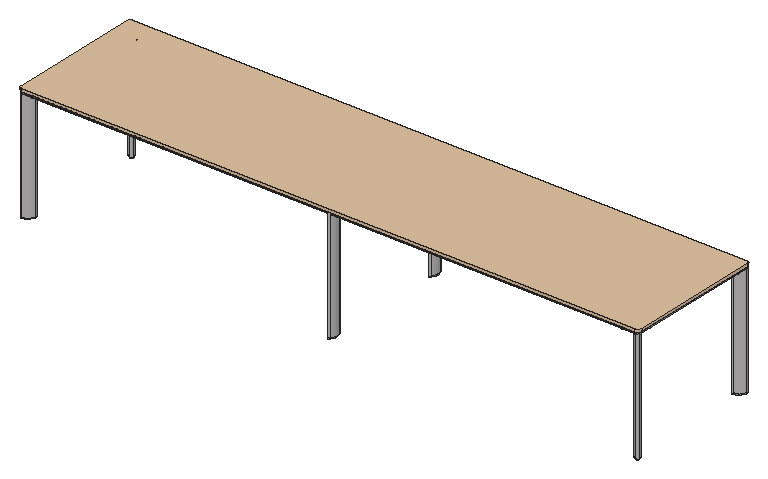
Revit family "FU_Table_Sandler_Laminar 0940", category Furniture, Revit 2020
Family settings
  OmniClass Number = 23.40.20.00
  OmniClass Title = General Furniture and Specialties
  Work Plane-Based = No
  Always vertical = Yes
  Cut with Voids When Loaded = No
  Shared = No
  Room Calculation Point = No
Parameters (values of type "Laminar 0940 (Dining Height)")
  Width = 4000 mm
  URL = "https://www.sandlerseating.com/product/laminar-0940/"
  Top [instance] = Wood - Oak - Natural - V
  Model = "Laminar 0940"
  Manufacturer = "Sandler"
  Height = 750 mm
  Frame [instance] = Epoxy - M2_G42
  Description = "400cm x 90cm / 158″ x 32″ table on epoxy painted frame."
  Depth = 900 mm
  Default Elevation = 0 mm
Types (4, lengths in mm): name | Top | Height | Frame
  (no name) | Wood - Oak - Natural - V | 750 | Epoxy - M2_G42
  Laminar 0940 (Dining Height) | Wood - Oak - Natural - V | 750 | Epoxy - M2_G42
  Laminar 0940 (Counter Height) | Lacquer - W2 - M82 | 900 | Epoxy - M2_G42
  Laminar 0940 (Bar Height) | Wood - Oak - Walnut | 1050 | Epoxy - M1_B00 - Black
Reference planes
  plane 1 "Center (Front/Back)": y = 0
  plane 2: z = 0
  plane 3 "Center (Left/Right)": x = 0
  plane 4 "Right": x = -2000
  plane 5 "Left": x = 2000
  plane 6 "Back": y = 450
  plane 7 "Front": y = -450
  plane 8 "Height": z = 750
  plane 9 "Top Frame Base": z = 737
  plane 10 "Frame Edge Right TOP": x = -1905
  plane 11 "Frame Edge Left TOP": x = 1905
  plane 12 "Frame Edge Front TOP": y = -355
  plane 13 "Frame Edge Back TOP": y = 355
  plane 14 "Right Leg C TOP": x = -1962.984
  plane 15 "Back Leg C TOP": y = 412.984
  plane 16 "Front Leg C TOP": y = -412.984
  plane 17 "Left C TOP": x = 1962.984
  plane 18 "Glide Height": z = 6
  plane 19 "Frame Base FRONT": z = 696.108
  plane 20 "Cross Support Front TOP": y = -392.984
  plane 21 "Cross Support Back TOP": y = 392.984
Forms (mm)
  Extrusion 1, solid, material "Wood - Oak - Natural - V" <- "Top"
    sketch origin (0, 0, 750) x (-1, 0, 0) y (0, -1, 0)
      loop
        arc (1975, -450) -> (1992.678, -442.678) -> (2000, -425) r 25
        line (2000, -425) -> (2000, 425)
        arc (2000, 425) -> (1992.678, 442.678) -> (1975, 450) r 25
        line (1975, 450) -> (-1975, 450)
        arc (-1975, 450) -> (-1992.678, 442.678) -> (-2000, 425) r 25
        line (-2000, 425) -> (-2000, -425)
        arc (-2000, -425) -> (-1992.678, -442.678) -> (-1975, -450) r 25
        line (-1975, -450) -> (1975, -450)
    from 0 to -13
  Sweep 2, solid, material "Epoxy - M2_G42" <- "Frame"
    path origin (0, 0, 737) x (-1, 0, 0) y (0, -1, 0)
      loop
        line (-1905, 450) -> (1905, 450)
    profile "Pro_Laminar_Frame : Pro_Laminar_Frame" origin (0, -450, 737) x (0, -1, 0) y (0, 0, 1)
      loop
        arc (-78.25, 0) -> (-78.959, -0.294) -> (-79.252, -1.003) r 1.003
        line (-79.252, -1.003) -> (-79.252, -40.038)
        arc (-79.252, -40.038) -> (-78.971, -40.718) -> (-78.29, -41) r 0.962
        line (-78.29, -41) -> (-56.47, -41)
        arc (-56.47, -41) -> (-49.536, -40.019) -> (-43.146, -37.154) r 25
        line (-43.146, -37.154) -> (-3.835, -12.393)
        arc (-3.835, -12.393) -> (-2.123, -10.579) -> (-1.5, -8.162) r 5
        line (-1.5, -8.162) -> (-1.5, -0.534)
        arc (-1.5, -0.534) -> (-1.656, -0.156) -> (-2.034, 0) r 0.534
        line (-2.034, 0) -> (-78.25, 0)
  Sweep 3, solid, material "Epoxy - M2_G42" <- "Frame"
    path origin (0, 0, 737) x (-1, 0, 0) y (0, -1, 0)
      loop
        line (2000, 355) -> (2000, -355)
    profile "Pro_Laminar_Frame : Pro_Laminar_Frame" origin (-2000, 0, 737) x (-1, 0, 0) y (0, 0, 1)
      loop
        arc (-78.25, 0) -> (-78.959, -0.294) -> (-79.252, -1.003) r 1.003
        line (-79.252, -1.003) -> (-79.252, -40.038)
        arc (-79.252, -40.038) -> (-78.971, -40.718) -> (-78.29, -41) r 0.962
        line (-78.29, -41) -> (-56.47, -41)
        arc (-56.47, -41) -> (-49.536, -40.019) -> (-43.146, -37.154) r 25
        line (-43.146, -37.154) -> (-3.835, -12.393)
        arc (-3.835, -12.393) -> (-2.123, -10.579) -> (-1.5, -8.162) r 5
        line (-1.5, -8.162) -> (-1.5, -0.534)
        arc (-1.5, -0.534) -> (-1.656, -0.156) -> (-2.034, 0) r 0.534
        line (-2.034, 0) -> (-78.25, 0)
  Sweep 4, solid, material "Epoxy - M2_G42" <- "Frame"
    path origin (0, 0, 737) x (-1, 0, 0) y (0, -1, 0)
      loop
        line (1905, -450) -> (-1905, -450)
    profile "Pro_Laminar_Frame : Pro_Laminar_Frame" origin (0, 450, 737) x (0, 1, 0) y (0, 0, 1)
      loop
        arc (-78.25, 0) -> (-78.959, -0.294) -> (-79.252, -1.003) r 1.003
        line (-79.252, -1.003) -> (-79.252, -40.038)
        arc (-79.252, -40.038) -> (-78.971, -40.718) -> (-78.29, -41) r 0.962
        line (-78.29, -41) -> (-56.47, -41)
        arc (-56.47, -41) -> (-49.536, -40.019) -> (-43.146, -37.154) r 25
        line (-43.146, -37.154) -> (-3.835, -12.393)
        arc (-3.835, -12.393) -> (-2.123, -10.579) -> (-1.5, -8.162) r 5
        line (-1.5, -8.162) -> (-1.5, -0.534)
        arc (-1.5, -0.534) -> (-1.656, -0.156) -> (-2.034, 0) r 0.534
        line (-2.034, 0) -> (-78.25, 0)
  Sweep 5, solid, material "Epoxy - M2_G42" <- "Frame"
    path origin (0, 0, 737) x (-1, 0, 0) y (0, -1, 0)
      loop
        line (-2000, 355) -> (-2000, -355)
    profile "Pro_Laminar_Frame : Pro_Laminar_Frame" origin (2000, 0, 737) x (-1, 0, 0) y (0, 0, 1)
      loop
        line (78.25, 0) -> (2.034, 0)
        arc (2.034, 0) -> (1.656, -0.156) -> (1.5, -0.534) r 0.534
        line (1.5, -0.534) -> (1.5, -8.162)
        arc (1.5, -8.162) -> (2.123, -10.579) -> (3.835, -12.393) r 5
        line (3.835, -12.393) -> (43.146, -37.154)
        arc (43.146, -37.154) -> (49.536, -40.019) -> (56.47, -41) r 25
        line (56.47, -41) -> (78.29, -41)
        arc (78.29, -41) -> (78.971, -40.718) -> (79.252, -40.038) r 0.962
        line (79.252, -40.038) -> (79.252, -1.003)
        arc (79.252, -1.003) -> (78.959, -0.294) -> (78.25, 0) r 1.003
  Sweep 6, solid, material "Epoxy - M2_G42" <- "Frame"
    path origin (0, 412.984, 0) x (1, 0, 0) y (0, 0, 1)
      loop
        line (-1962.984, 6) -> (-1962.984, 737)
    profile "Pro_Laminar_Leg : Pro_Laminar_Leg" origin (-1962.984, 412.984, 371.5) x (-1, 0, 0) y (0, -1, 0)
      loop
        arc (-16.792, 30.86) -> (-28.302, 28.302) -> (-30.86, 16.792) r 10.982
        arc (-30.86, 16.792) -> (-12.33, -12.33) -> (16.792, -30.86) r 79.547
        arc (16.792, -30.86) -> (28.302, -28.302) -> (30.86, -16.792) r 10.982
        arc (30.86, -16.792) -> (12.33, 12.33) -> (-16.792, 30.86) r 79.547
  Sweep 7, solid, material "Epoxy - M2_G42" <- "Frame"
    path origin (0, -412.984, 0) x (1, 0, 0) y (0, 0, 1)
      loop
        line (-1962.984, 6) -> (-1962.984, 737)
    profile "Pro_Laminar_Leg : Pro_Laminar_Leg" origin (-1962.984, -412.984, 371.5) x (-1, 0, 0) y (0, -1, 0)
      loop
        arc (-30.86, -16.792) -> (-28.302, -28.302) -> (-16.792, -30.86) r 10.982
        arc (-16.792, -30.86) -> (12.33, -12.33) -> (30.86, 16.792) r 79.547
        arc (30.86, 16.792) -> (28.302, 28.302) -> (16.792, 30.86) r 10.982
        arc (16.792, 30.86) -> (-12.33, 12.33) -> (-30.86, -16.792) r 79.547
  Sweep 8, solid, material "Epoxy - M2_G42" <- "Frame"
    path origin (0, -412.984, 0) x (1, 0, 0) y (0, 0, 1)
      loop
        line (1962.984, 6) -> (1962.984, 737)
    profile "Pro_Laminar_Leg : Pro_Laminar_Leg" origin (1962.984, -412.984, 371.5) x (-1, 0, 0) y (0, -1, 0)
      loop
        arc (-16.792, 30.86) -> (-28.302, 28.302) -> (-30.86, 16.792) r 10.982
        arc (-30.86, 16.792) -> (-12.33, -12.33) -> (16.792, -30.86) r 79.547
        arc (16.792, -30.86) -> (28.302, -28.302) -> (30.86, -16.792) r 10.982
        arc (30.86, -16.792) -> (12.33, 12.33) -> (-16.792, 30.86) r 79.547
  Sweep 9, solid, material "Epoxy - M2_G42" <- "Frame"
    path origin (0, 412.984, 0) x (1, 0, 0) y (0, 0, 1)
      loop
        line (1962.984, 6) -> (1962.984, 737)
    profile "Pro_Laminar_Leg : Pro_Laminar_Leg" origin (1962.984, 412.984, 371.5) x (-1, 0, 0) y (0, -1, 0)
      loop
        arc (-30.86, -16.792) -> (-28.302, -28.302) -> (-16.792, -30.86) r 10.982
        arc (-16.792, -30.86) -> (12.33, -12.33) -> (30.86, 16.792) r 79.547
        arc (30.86, 16.792) -> (28.302, 28.302) -> (16.792, 30.86) r 10.982
        arc (16.792, 30.86) -> (-12.33, 12.33) -> (-30.86, -16.792) r 79.547
  Sweep 10, solid, material "Rubber, Black"
    path origin (0, 412.984, 0) x (1, 0, 0) y (0, 0, 1)
      loop
        line (1962.984, 0) -> (1962.984, 6)
    profile "Pro_Laminar_Leg : Pro_Laminar_Leg" origin (1962.984, 412.984, 3) x (-1, 0, 0) y (0, -1, 0)
      loop
        arc (-30.86, -16.792) -> (-28.302, -28.302) -> (-16.792, -30.86) r 10.982
        arc (-16.792, -30.86) -> (12.33, -12.33) -> (30.86, 16.792) r 79.547
        arc (30.86, 16.792) -> (28.302, 28.302) -> (16.792, 30.86) r 10.982
        arc (16.792, 30.86) -> (-12.33, 12.33) -> (-30.86, -16.792) r 79.547
  Sweep 11, solid, material "Rubber, Black"
    path origin (0, 412.984, 0) x (1, 0, 0) y (0, 0, 1)
      loop
        line (-1962.984, 0) -> (-1962.984, 6)
    profile "Pro_Laminar_Leg : Pro_Laminar_Leg" origin (-1962.984, 412.984, 3) x (-1, 0, 0) y (0, -1, 0)
      loop
        arc (-16.792, 30.86) -> (-28.302, 28.302) -> (-30.86, 16.792) r 10.982
        arc (-30.86, 16.792) -> (-12.33, -12.33) -> (16.792, -30.86) r 79.547
        arc (16.792, -30.86) -> (28.302, -28.302) -> (30.86, -16.792) r 10.982
        arc (30.86, -16.792) -> (12.33, 12.33) -> (-16.792, 30.86) r 79.547
  Sweep 12, solid, material "Rubber, Black"
    path origin (0, -412.984, 0) x (1, 0, 0) y (0, 0, 1)
      loop
        line (-1962.984, 0) -> (-1962.984, 6)
    profile "Pro_Laminar_Leg : Pro_Laminar_Leg" origin (-1962.984, -412.984, 3) x (-1, 0, 0) y (0, -1, 0)
      loop
        arc (-30.86, -16.792) -> (-28.302, -28.302) -> (-16.792, -30.86) r 10.982
        arc (-16.792, -30.86) -> (12.33, -12.33) -> (30.86, 16.792) r 79.547
        arc (30.86, 16.792) -> (28.302, 28.302) -> (16.792, 30.86) r 10.982
        arc (16.792, 30.86) -> (-12.33, 12.33) -> (-30.86, -16.792) r 79.547
  Sweep 13, solid, material "Rubber, Black"
    path origin (0, -412.984, 0) x (1, 0, 0) y (0, 0, 1)
      loop
        line (1962.984, 0) -> (1962.984, 6)
    profile "Pro_Laminar_Leg : Pro_Laminar_Leg" origin (1962.984, -412.984, 3) x (-1, 0, 0) y (0, -1, 0)
      loop
        arc (-16.792, 30.86) -> (-28.302, 28.302) -> (-30.86, 16.792) r 10.982
        arc (-30.86, 16.792) -> (-12.33, -12.33) -> (16.792, -30.86) r 79.547
        arc (16.792, -30.86) -> (28.302, -28.302) -> (30.86, -16.792) r 10.982
        arc (30.86, -16.792) -> (12.33, 12.33) -> (-16.792, 30.86) r 79.547
  Sweep 14, solid, material "Epoxy - M2_G42" <- "Frame"
    path origin (0, 0, 737) x (-1, 0, 0) y (0, -1, 0)
      loop
        line (-1905, 448.5) -> (-1998.5, 448.5) -> (-1998.5, 355)
    profile "Pro_Laminar_Frame : Pro_Laminar_Frame" origin (1951.75, -448.5, 737) x (0, 1, 0) y (0, 0, 1)
      loop
        line (76.75, 0) -> (0.534, 0)
        arc (0.534, 0) -> (0.156, -0.156) -> (0, -0.534) r 0.534
        line (0, -0.534) -> (0, -8.162)
        arc (0, -8.162) -> (0.623, -10.579) -> (2.335, -12.393) r 5
        line (2.335, -12.393) -> (41.646, -37.154)
        arc (41.646, -37.154) -> (48.036, -40.019) -> (54.97, -41) r 25
        line (54.97, -41) -> (76.79, -41)
        arc (76.79, -41) -> (77.471, -40.718) -> (77.752, -40.038) r 0.962
        line (77.752, -40.038) -> (77.752, -1.003)
        arc (77.752, -1.003) -> (77.459, -0.294) -> (76.75, 0) r 1.003
  Extrusion 15, void
    sketch origin (0, 0, 737) x (-1, 0, 0) y (0, -1, 0)
      loop
        line (-1974.12, 449.12) -> (-1974.12, 464.12) -> (-2014.12, 464.12) -> (-2014.12, 424.12) -> (-1999.12, 424.12)
        arc (-1999.12, 424.12) -> (-1991.798, 441.798) -> (-1974.12, 449.12) r 25
    from -40.892 to 13
  Sweep 16, solid, material "Epoxy - M2_G42" <- "Frame"
    path origin (0, 0, 737) x (1, 0, 0) y (0, -1, 0)
      loop
        line (-1905, 448.5) -> (-1998.5, 448.5) -> (-1998.5, 355)
    profile "Pro_Laminar_Frame : Pro_Laminar_Frame" origin (-1951.75, -448.5, 737) x (0, -1, 0) y (0, 0, 1)
      loop
        arc (-76.75, 0) -> (-77.459, -0.294) -> (-77.752, -1.003) r 1.003
        line (-77.752, -1.003) -> (-77.752, -40.038)
        arc (-77.752, -40.038) -> (-77.471, -40.718) -> (-76.79, -41) r 0.962
        line (-76.79, -41) -> (-54.97, -41)
        arc (-54.97, -41) -> (-48.036, -40.019) -> (-41.646, -37.154) r 25
        line (-41.646, -37.154) -> (-2.335, -12.393)
        arc (-2.335, -12.393) -> (-0.623, -10.579) -> (0, -8.162) r 5
        line (0, -8.162) -> (0, -0.534)
        arc (0, -0.534) -> (-0.156, -0.156) -> (-0.534, 0) r 0.534
        line (-0.534, 0) -> (-76.75, 0)
  Sweep 17, solid, material "Epoxy - M2_G42" <- "Frame"
    path origin (0, 0, 737) x (1, 0, 0) y (0, 1, 0)
      loop
        line (-1905, 448.5) -> (-1998.5, 448.5) -> (-1998.5, 355)
    profile "Pro_Laminar_Frame : Pro_Laminar_Frame" origin (-1951.75, 448.5, 737) x (0, -1, 0) y (0, 0, 1)
      loop
        line (76.75, 0) -> (0.534, 0)
        arc (0.534, 0) -> (0.156, -0.156) -> (0, -0.534) r 0.534
        line (0, -0.534) -> (0, -8.162)
        arc (0, -8.162) -> (0.623, -10.579) -> (2.335, -12.393) r 5
        line (2.335, -12.393) -> (41.646, -37.154)
        arc (41.646, -37.154) -> (48.036, -40.019) -> (54.97, -41) r 25
        line (54.97, -41) -> (76.79, -41)
        arc (76.79, -41) -> (77.471, -40.718) -> (77.752, -40.038) r 0.962
        line (77.752, -40.038) -> (77.752, -1.003)
        arc (77.752, -1.003) -> (77.459, -0.294) -> (76.75, 0) r 1.003
  Sweep 18, solid, material "Epoxy - M2_G42" <- "Frame"
    path origin (0, 0, 737) x (-1, 0, 0) y (0, 1, 0)
      loop
        line (-1905, 448.5) -> (-1998.5, 448.5) -> (-1998.5, 355)
    profile "Pro_Laminar_Frame : Pro_Laminar_Frame" origin (1951.75, 448.5, 737) x (0, 1, 0) y (0, 0, 1)
      loop
        arc (-76.75, 0) -> (-77.459, -0.294) -> (-77.752, -1.003) r 1.003
        line (-77.752, -1.003) -> (-77.752, -40.038)
        arc (-77.752, -40.038) -> (-77.471, -40.718) -> (-76.79, -41) r 0.962
        line (-76.79, -41) -> (-54.97, -41)
        arc (-54.97, -41) -> (-48.036, -40.019) -> (-41.646, -37.154) r 25
        line (-41.646, -37.154) -> (-2.335, -12.393)
        arc (-2.335, -12.393) -> (-0.623, -10.579) -> (0, -8.162) r 5
        line (0, -8.162) -> (0, -0.534)
        arc (0, -0.534) -> (-0.156, -0.156) -> (-0.534, 0) r 0.534
        line (-0.534, 0) -> (-76.75, 0)
  Extrusion 19, void
    sketch origin (0, 0, 737) x (1, 0, 0) y (0, 1, 0)
      loop
        arc (-1974.12, -449.12) -> (-1991.798, -441.798) -> (-1999.12, -424.12) r 25
        line (-1999.12, -424.12) -> (-2014.12, -424.12) -> (-2014.12, -464.12) -> (-1974.12, -464.12) -> (-1974.12, -449.12)
    from -40.892 to 13
  Extrusion 20, void
    sketch origin (0, 0, 737) x (1, 0, 0) y (0, 1, 0)
      loop
        line (-1974.12, 449.12) -> (-1974.12, 464.12) -> (-2014.12, 464.12) -> (-2014.12, 424.12) -> (-1999.12, 424.12)
        arc (-1999.12, 424.12) -> (-1991.798, 441.798) -> (-1974.12, 449.12) r 25
    from -40.892 to 13
  Extrusion 21, void
    sketch origin (0, 0, 737) x (-1, 0, 0) y (0, -1, 0)
      loop
        arc (-1974.12, -449.12) -> (-1991.798, -441.798) -> (-1999.12, -424.12) r 25
        line (-1999.12, -424.12) -> (-2014.12, -424.12) -> (-2014.12, -464.12) -> (-1974.12, -464.12) -> (-1974.12, -449.12)
    from -40.892 to 13
  Sweep 22, solid, material "Epoxy - M2_G42" <- "Frame"
    path origin (0, -412.984, 0) x (1, 0, 0) y (0, 0, 1)
      loop
        line (0, 6) -> (0, 737)
    profile "Pro_Laminar_Leg : Pro_Laminar_Leg" origin (0, -412.984, 371.5) x (-1, 0, 0) y (0, -1, 0)
      loop
        arc (-9.948, -38.695) -> (0, -45.025) -> (9.948, -38.695) r 10.982
        arc (9.948, -38.695) -> (17.437, -5) -> (9.948, 28.695) r 79.547
        arc (9.948, 28.695) -> (0, 35.025) -> (-9.948, 28.695) r 10.982
        arc (-9.948, 28.695) -> (-17.437, -5) -> (-9.948, -38.695) r 79.547
  Sweep 23, solid, material "Rubber, Black"
    path origin (0, -412.984, 0) x (1, 0, 0) y (0, 0, 1)
      loop
        line (0, 0) -> (0, 6)
    profile "Pro_Laminar_Leg : Pro_Laminar_Leg" origin (0, -412.984, 3) x (-1, 0, 0) y (0, -1, 0)
      loop
        arc (-9.948, -38.695) -> (0, -45.025) -> (9.948, -38.695) r 10.982
        arc (9.948, -38.695) -> (17.437, -5) -> (9.948, 28.695) r 79.547
        arc (9.948, 28.695) -> (0, 35.025) -> (-9.948, 28.695) r 10.982
        arc (-9.948, 28.695) -> (-17.437, -5) -> (-9.948, -38.695) r 79.547
  Sweep 24, solid, material "Rubber, Black"
    path origin (0, 412.984, 0) x (1, 0, 0) y (0, 0, 1)
      loop
        line (0, 0) -> (0, 6)
    profile "Pro_Laminar_Leg : Pro_Laminar_Leg" origin (0, 412.984, 3) x (-1, 0, 0) y (0, -1, 0)
      loop
        arc (-9.948, -28.695) -> (0, -35.025) -> (9.948, -28.695) r 10.982
        arc (9.948, -28.695) -> (17.437, 5) -> (9.948, 38.695) r 79.547
        arc (9.948, 38.695) -> (0, 45.025) -> (-9.948, 38.695) r 10.982
        arc (-9.948, 38.695) -> (-17.437, 5) -> (-9.948, -28.695) r 79.547
  Sweep 25, solid, material "Epoxy - M2_G42" <- "Frame"
    path origin (0, 412.984, 0) x (1, 0, 0) y (0, 0, 1)
      loop
        line (0, 6) -> (0, 737)
    profile "Pro_Laminar_Leg : Pro_Laminar_Leg" origin (0, 412.984, 371.5) x (-1, 0, 0) y (0, -1, 0)
      loop
        arc (-9.948, -28.695) -> (0, -35.025) -> (9.948, -28.695) r 10.982
        arc (9.948, -28.695) -> (17.437, 5) -> (9.948, 38.695) r 79.547
        arc (9.948, 38.695) -> (0, 45.025) -> (-9.948, 38.695) r 10.982
        arc (-9.948, 38.695) -> (-17.437, 5) -> (-9.948, -28.695) r 79.547
  Extrusion 26, solid, material "Epoxy - M2_G42" <- "Frame"
    sketch origin (0, 0, 0) x (1, 0, 0) y (0, 0, 1)
      loop
        line (-29.788, 736) -> (-29.788, 722.1) -> (-28.788, 722.1) -> (-28.788, 721.1) -> (-25.288, 721.1) -> (-25.288, 724.1) -> (-28.288, 724.1) -> (-28.288, 726.5) -> (-24.69, 726.5) -> (-17.288, 722.226) -> (-17.288, 709.773) -> (-24.69, 705.5) -> (-28.288, 705.5) -> (-28.288, 707.9) -> (-25.288, 707.9) -> (-25.288, 710.9) -> (-28.788, 710.9) -> (-28.788, 709.9) -> (-29.788, 709.9) -> (-29.788, 697.144)
        arc (-29.788, 697.144) -> (-29.485, 696.412) -> (-28.753, 696.108) r 1.035
        line (-28.753, 696.108) -> (28.753, 696.108)
        arc (28.753, 696.108) -> (29.485, 696.412) -> (29.788, 697.144) r 1.035
        line (29.788, 697.144) -> (29.788, 709.9) -> (28.788, 709.9) -> (28.788, 710.9) -> (25.288, 710.9) -> (25.288, 707.9) -> (28.288, 707.9) -> (28.288, 705.5) -> (24.69, 705.5) -> (17.288, 709.773) -> (17.288, 722.226) -> (24.69, 726.5) -> (28.288, 726.5) -> (28.288, 724.1) -> (25.288, 724.1) -> (25.288, 721.1) -> (28.788, 721.1) -> (28.788, 722.1) -> (29.788, 722.1) -> (29.788, 736)
        arc (29.788, 736) -> (29.495, 736.707) -> (28.788, 737) r 1
        line (28.788, 737) -> (-28.788, 737)
        arc (-28.788, 737) -> (-29.495, 736.707) -> (-29.788, 736) r 1
    from -392.984 to 392.984
Cuts and joins
  Extrusion 20 cuts Sweep 17
  Extrusion 21 cuts Sweep 18
  Extrusion 15 cuts Sweep 14
  Extrusion 19 cuts Sweep 16
Dimensions and locks
  equal spacing: plane 4 "Right", plane 3 "Center (Left/Right)", plane 5 "Left"
  "Width": plane 4 "Right" to plane 5 "Left"
  equal spacing: plane 6 "Back", plane 1 "Center (Front/Back)", plane 7 "Front"
  "Depth": plane 6 "Back" to plane 7 "Front"
  "Height": plane 8 "Height" to level
  locked: plane 8 "Height" to plane 9 "Top Frame Base" at 13
  plane 4 "Right" to plane 14 "Right Leg C TOP" to plane 10 "Frame Edge Right TOP" = 37.016 mm locked, 57.984 mm locked
  plane 12 "Frame Edge Front TOP" to plane 16 "Front Leg C TOP" to plane 7 "Front" = 57.984 mm locked, 37.016 mm locked
  plane 6 "Back" to plane 15 "Back Leg C TOP" to plane 13 "Frame Edge Back TOP" = 37.016 mm locked, 57.984 mm locked
  plane 11 "Frame Edge Left TOP" to plane 17 "Left C TOP" to plane 5 "Left" = 57.984 mm locked, 37.016 mm locked
  locked: plane 18 "Glide Height" to plane 2 at 6
  locked: plane 16 "Front Leg C TOP" to plane 20 "Cross Support Front TOP" at 20
  locked: plane 21 "Cross Support Back TOP" to plane 15 "Back Leg C TOP" at 20
  locked: plane 9 "Top Frame Base" to plane 19 "Frame Base FRONT" at 40.892
  aligned and locked: level to plane 2
  aligned and locked: plane 10 "Frame Edge Right TOP" to Sweep 2 sketch curve
  aligned and locked: plane 11 "Frame Edge Left TOP" to Sweep 2 sketch curve
  aligned and locked: plane 13 "Frame Edge Back TOP" to Sweep 3 sketch curve
  aligned and locked: plane 4 "Right" to Sweep 3 sketch curve
  aligned and locked: plane 10 "Frame Edge Right TOP" to Sweep 4 sketch curve
  aligned and locked: plane 11 "Frame Edge Left TOP" to Sweep 4 sketch curve
  aligned and locked: Sweep 5 sketch curve to plane 13 "Frame Edge Back TOP"
  aligned and locked: plane 12 "Frame Edge Front TOP" to Sweep 5 sketch curve
  aligned and locked: Extrusion 1 sketch curve to plane 4 "Right"
  aligned and locked: Extrusion 1 sketch curve to plane 6 "Back"
  aligned and locked: Extrusion 1 sketch curve to plane 7 "Front"
  aligned and locked: plane 5 "Left" to Extrusion 1 sketch curve
  aligned and locked: plane 9 "Top Frame Base" to Sweep 6 sketch curve
  aligned and locked: Sweep 6 sketch curve to plane 18 "Glide Height"
  aligned and locked: plane 9 "Top Frame Base" to Sweep 7 sketch curve
  aligned and locked: Sweep 7 sketch curve to plane 18 "Glide Height"
  aligned and locked: Sweep 8 sketch curve to plane 9 "Top Frame Base"
  aligned and locked: plane 18 "Glide Height" to Sweep 8 sketch curve
  aligned and locked: Sweep 9 sketch curve to plane 9 "Top Frame Base"
  aligned and locked: plane 18 "Glide Height" to Sweep 9 sketch curve
  aligned and locked: plane 18 "Glide Height" to Sweep 10 sketch curve
  aligned and locked: Sweep 10 sketch curve to plane 2
  aligned and locked: Sweep 11 sketch curve to plane 18 "Glide Height"
  aligned and locked: plane 2 to Sweep 11 sketch curve
  aligned and locked: plane 2 to Sweep 12 sketch curve
  aligned and locked: Sweep 12 sketch curve to plane 18 "Glide Height"
  aligned and locked: Sweep 13 sketch curve to plane 2
  aligned and locked: plane 18 "Glide Height" to Sweep 13 sketch curve
  aligned and locked: Extrusion 15 to plane 19 "Frame Base FRONT"
  aligned and locked: plane 8 "Height" to Extrusion 15
  aligned and locked: Sweep 18 to plane 11 "Frame Edge Left TOP"
  aligned and locked: plane 13 "Frame Edge Back TOP" to Sweep 18
  aligned and locked: Sweep 14 to plane 12 "Frame Edge Front TOP"
  aligned and locked: Sweep 14 to plane 11 "Frame Edge Left TOP"
  aligned and locked: Sweep 16 to plane 10 "Frame Edge Right TOP"
  aligned and locked: plane 12 "Frame Edge Front TOP" to Sweep 16
  aligned and locked: Sweep 17 to plane 13 "Frame Edge Back TOP"
  aligned and locked: Sweep 17 to plane 10 "Frame Edge Right TOP"
  aligned and locked: plane 9 "Top Frame Base" to Sweep 22 sketch curve
  aligned and locked: plane 18 "Glide Height" to Sweep 22 sketch curve
  aligned and locked: plane 18 "Glide Height" to Sweep 23 sketch curve
  aligned and locked: plane 2 to Sweep 23 sketch curve
  aligned and locked: plane 2 to Sweep 24 sketch curve
  aligned and locked: plane 18 "Glide Height" to Sweep 24 sketch curve
  aligned and locked: plane 9 "Top Frame Base" to Sweep 25 sketch curve
  aligned and locked: plane 18 "Glide Height" to Sweep 25 sketch curve
  aligned and locked: Extrusion 26 to plane 20 "Cross Support Front TOP"
  aligned and locked: Extrusion 26 to plane 21 "Cross Support Back TOP"
  aligned and locked: plane 9 "Top Frame Base" to Extrusion 26
  aligned and locked: Extrusion 26 to plane 19 "Frame Base FRONT"
Automatic sketch dimensions
  Extrusion 1 sketch curve to plane 15 "Back Leg C TOP" = 12.016 mm
  Extrusion 1 sketch curve to plane 17 "Left C TOP" = 12.016 mm
  plane 14 "Right Leg C TOP" to Extrusion 1 sketch curve = 12.016 mm  (x2)
  Sweep 2 sketch curve to plane 7 "Front" = 0 mm
  plane 12 "Frame Edge Front TOP" to Sweep 3 sketch curve = 0 mm
  Sweep 4 sketch curve to plane 6 "Back" = 0 mm
  Sweep 5 sketch curve to plane 5 "Left" = 0 mm
  plane 14 "Right Leg C TOP" to Sweep 6 sketch curve = 0 mm
  plane 14 "Right Leg C TOP" to Sweep 7 sketch curve = 0 mm
  plane 17 "Left C TOP" to Sweep 8 sketch curve = 0 mm
  plane 17 "Left C TOP" to Sweep 9 sketch curve = 0 mm
  plane 17 "Left C TOP" to Sweep 10 sketch curve = 0 mm
  plane 14 "Right Leg C TOP" to Sweep 11 sketch curve = 0 mm
  plane 14 "Right Leg C TOP" to Sweep 12 sketch curve = 0 mm
  plane 17 "Left C TOP" to Sweep 13 sketch curve = 0 mm
  plane 12 "Frame Edge Front TOP" to Sweep 14 sketch curve = 0 mm
  Sweep 14 sketch curve to plane 11 "Frame Edge Left TOP" = 0 mm
  plane 5 "Left" to Sweep 14 sketch curve = 1.5 mm
  plane 7 "Front" to Sweep 14 sketch curve = 1.5 mm
  Extrusion 15 sketch curve to plane 5 "Left" = 14.12 mm
  plane 5 "Left" to Extrusion 15 sketch curve = 0.88 mm
  plane 7 "Front" to Extrusion 15 sketch curve = 0.88 mm
  Extrusion 15 sketch curve to plane 17 "Left C TOP" = 11.136 mm
  Extrusion 15 sketch curve to plane 7 "Front" = 14.12 mm
  plane 12 "Frame Edge Front TOP" to Sweep 16 sketch curve = 0 mm
  Sweep 16 sketch curve to plane 10 "Frame Edge Right TOP" = 0 mm
  plane 4 "Right" to Sweep 16 sketch curve = 1.5 mm
  Sweep 16 sketch curve to plane 7 "Front" = 1.5 mm
  Sweep 17 sketch curve to plane 13 "Frame Edge Back TOP" = 0 mm
  Sweep 17 sketch curve to plane 10 "Frame Edge Right TOP" = 0 mm
  Sweep 17 sketch curve to plane 4 "Right" = 1.5 mm
  Sweep 17 sketch curve to plane 6 "Back" = 1.5 mm
  Sweep 18 sketch curve to plane 13 "Frame Edge Back TOP" = 0 mm
  Sweep 18 sketch curve to plane 11 "Frame Edge Left TOP" = 0 mm
  Sweep 18 sketch curve to plane 5 "Left" = 1.5 mm
  plane 6 "Back" to Sweep 18 sketch curve = 1.5 mm
  Extrusion 19 sketch curve to plane 4 "Right" = 14.12 mm
  plane 4 "Right" to Extrusion 19 sketch curve = 0.88 mm
  Extrusion 19 sketch curve to plane 7 "Front" = 0.88 mm
  Extrusion 19 sketch curve to plane 14 "Right Leg C TOP" = 11.136 mm
  plane 7 "Front" to Extrusion 19 sketch curve = 14.12 mm
  plane 4 "Right" to Extrusion 20 sketch curve = 14.12 mm
  Extrusion 20 sketch curve to plane 4 "Right" = 0.88 mm
  Extrusion 20 sketch curve to plane 6 "Back" = 0.88 mm
  plane 14 "Right Leg C TOP" to Extrusion 20 sketch curve = 11.136 mm
  plane 6 "Back" to Extrusion 20 sketch curve = 14.12 mm
  plane 5 "Left" to Extrusion 21 sketch curve = 14.12 mm
  Extrusion 21 sketch curve to plane 5 "Left" = 0.88 mm
  plane 6 "Back" to Extrusion 21 sketch curve = 0.88 mm
  plane 17 "Left C TOP" to Extrusion 21 sketch curve = 11.136 mm
  Extrusion 21 sketch curve to plane 6 "Back" = 14.12 mm
  Sweep 22 sketch curve to plane 3 "Center (Left/Right)" = 0 mm
  Sweep 23 sketch curve to plane 3 "Center (Left/Right)" = 0 mm
  Sweep 24 sketch curve to plane 3 "Center (Left/Right)" = 0 mm
  Sweep 25 sketch curve to plane 3 "Center (Left/Right)" = 0 mm
  Extrusion 26 sketch curve to plane 9 "Top Frame Base" = 1 mm
  Extrusion 26 sketch curve to plane 3 "Center (Left/Right)" = 29.788 mm
  plane 19 "Frame Base FRONT" to Extrusion 26 sketch curve = 1.035 mm  (x2)
  Extrusion 26 sketch curve to Extrusion 26 sketch curve = 0 mm
  Extrusion 26 sketch curve to Extrusion 26 sketch curve = 1 mm  (x7)
  Extrusion 26 sketch curve to Extrusion 26 sketch curve = 0.5 mm  (x5)
  Extrusion 26 sketch curve to Extrusion 26 sketch curve = 3.5 mm
  Extrusion 26 sketch curve to Extrusion 26 sketch curve = 3 mm  (x4)
  plane 19 "Frame Base FRONT" to Extrusion 26 sketch curve = 9.392 mm  (x2)
  Extrusion 26 sketch curve to Extrusion 26 sketch curve = 0.598 mm  (x4)
  Extrusion 26 sketch curve to Extrusion 26 sketch curve = 8 mm
  plane 3 "Center (Left/Right)" to Extrusion 26 sketch curve = 17.288 mm
  Extrusion 26 sketch curve to Extrusion 26 sketch curve = 7.402 mm  (x2)
  Extrusion 26 sketch curve to Extrusion 26 sketch curve = 3.598 mm
  Extrusion 26 sketch curve to Extrusion 26 sketch curve = 0.465 mm
  Extrusion 26 sketch curve to Extrusion 26 sketch curve = 1.035 mm
  Extrusion 26 sketch curve to Extrusion 26 sketch curve = 2.4 mm  (x4)
  Extrusion 26 sketch curve to Extrusion 26 sketch curve = 1.873 mm  (x2)
  Extrusion 26 sketch curve to Extrusion 26 sketch curve = 2 mm  (x3)
  Extrusion 26 sketch curve to Extrusion 26 sketch curve = 10.2 mm  (x2)
  Extrusion 26 sketch curve to Extrusion 26 sketch curve = 1.127 mm  (x2)
